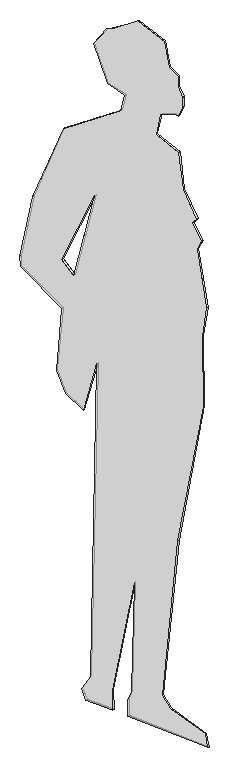
Revit family "Flat Man 03", category Entourage, Revit 2015
Parameters
  Linework [instance] = yes
  Height = 0 mm
  Flat Material [instance] = none
Reference planes
  plane 1 "Center (Front/Back)": y = 0
  plane 2: z = 0
  plane 3 "Center (Left/Right)": x = 0
  plane 4: z = 1600
Forms (mm)
  Extrusion 1, solid, material <- "Flat Material"
    sketch origin (0, 0, 0) x (1, 0, 0) y (0, 0, 1)
      loop
        line (-301.852, 1187.548) -> (-336.949, 1027.998) -> (-336.709, 1003.5) -> (-222.007, 940.892) -> (-236.886, 783.838) -> (-211.985, 735.044) -> (-162.904, 710.959) -> (-126.516, 839.559) -> (-144.421, 61.822) -> (-168.486, 24.884) -> (-155.801, 0) -> (-82.754, 0) -> (-83.245, 50.082) -> (-23.221, 336.616) -> (-31.97, 64.799) -> (-40.533, 43.181) -> (-41.53, 0) -> (178.174, 0) -> (171.731, 32.215) -> (75.33, 61.427) -> (53.186, 86.007) -> (95.817, 480.362) -> (165.663, 836.247) -> (164.006, 1007.76) -> (175.504, 1081.367) -> (149.781, 1215.921) -> (161.75, 1240.524) -> (136.974, 1277.069) -> (149.071, 1289.423) -> (111.835, 1350.36) -> (98.79, 1436.015) -> (37.488, 1459.985) -> (49.189, 1513.257) -> (85.714, 1525.822) -> (97.923, 1525.928) -> (109.904, 1550.54) -> (109.664, 1575.038) -> (97.215, 1599.43) -> (96.976, 1623.937) -> (72.428, 1635.975) -> (59.624, 1697.123) -> (-13.887, 1720.978) -> (-74.595, 1683.704) -> (-98.9, 1671.244) -> (-135.072, 1621.923) -> (-97.606, 1536.488) -> (-48.629, 1524.662) -> (-60.455, 1483.648) -> (-218.268, 1384.277) -> (-301.852, 1187.548)
      loop
        line (-131.481, 1250.26) -> (-222.636, 1060.492) -> (-189.29, 1033.422) -> (-131.481, 1250.26)
    from -2.5 to 2.5
Lines and regions (mm)
  model lines
    curve 1: line (0, 150, 0) -> (0, -150, 0)
    curve 2: line (-150, 0, 0) -> (150, 0, 0)
Dimensions and locks
  aligned and locked: level to plane 2
